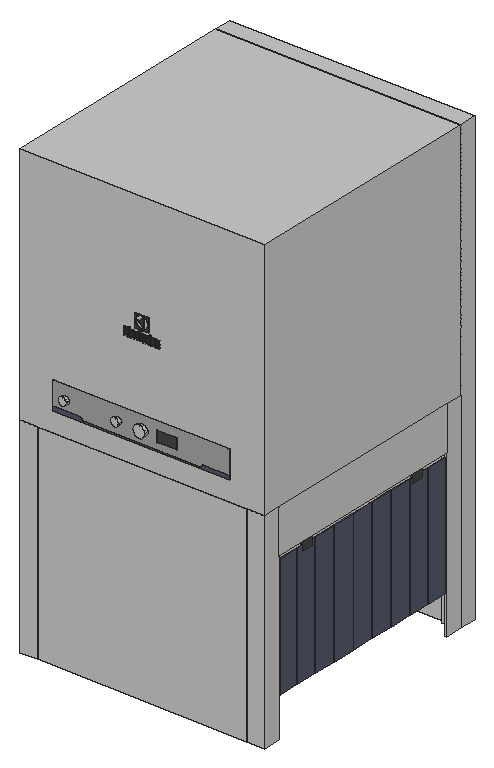
Revit family "QF_ELECTROLUXPROFESSIONAL_504350_ETHDE1", category Specialty Equipment, Revit 2018
Family settings
  Round Connector Dimension = Use Diameter
  Part Type = Normal
  Work Plane-Based = No
  Always vertical = Yes
  Cut with Voids When Loaded = No
  Shared = No
  Room Calculation Point = No
Parameters (values of type "Standard")
  Z PNL TOP = 532.0 mm
  Z PNL RIGHT [instance] = if(CURTAIN RIGHT, 420.0 mm, 0.0 mm)  # 420.0 mm
  Z PNL LEFT [instance] = if(CURTAIN LEFT, 420.0 mm, 0.0 mm)  # 420.0 mm
  Z PNL FRONT [instance] = if(CURTAIN FRONT, 420.0 mm, 0.0 mm)  # 0.0 mm
  Weight = 60.00 kg
  Watts = 0 W
  Volts = 380 V
  URL Manufacturer = "https://www.electroluxprofessional.com/"
  URL = "https://www.electroluxprofessional.com/"
  Steam Supply Size = 0 mm
  Steam Supply Minimum Pressure = 0.0 Pa
  Steam Supply Maximum Pressure = 0.0 Pa
  Steam Pounds per Hour = 0
  STRAIGHT visible [instance] = yes
  Refrigeration Suction Line Size = 0.0 mm
  Refrigeration Liquid Line Size = 0.0 mm
  Refrigerant Compressor Remote = yes
  Phase = 3
  Length Actual = 625.0 mm  # constant formula
  Item Number = "504350"
  Hot Water Size = 0 mm
  Height Actual = 1150.0 mm  # constant formula
  HP = "11.4 HP"
  Gas Size = 0 mm
  Gas KW = 0
  Gas Input Pressure = 0 W
  Direct Waste Size = 0 mm
  Depth Actual = 670.0 mm  # constant formula
  Cycle = 50 Hz
  Condensate Return Size = 0 mm
  Compressed Air Volume = 0.0 L/s
  Compressed Air Size = 0 mm
  Compressed Air Pressure = 0.0 Pa
  Cold Water Size = 0 mm
  CURTAIN LEFT [instance] = not(CORNER R L visible)  # yes
  Manufacturer = "Electrolux Professional"
  Model = "ETHDE1"
  Description = "HERODRY FREESTANDING BLOWER FOR HOOD TYPE DW 30 R/H 380-415/3N/50HZ"
  CORNER R L visible [instance] = no
  CURTAIN RIGHT [instance] = not(CORNER L R visible)  # yes
  CORNER L R visible [instance] = no
  CURTAIN FRONT [instance] = not(STRAIGHT visible)  # no
  Accessory = yes
Reference planes
  plane 1 "Center (Front/Back)": y = -16.742
  plane 2: z = 0
  plane 3 "LEFT": x = -383.563
  plane 4 "RIGHT": x = 240.437
  plane 5 "Base": z = 910
  plane 6 "TOP": z = 2060
  plane 7 "FRONT": y = -351.742
  plane 8 "Back": y = 318.258
  plane 9 "Center (Left/Right)": x = -71.563
  plane 10: y = 273.258
  plane 11: y = -306.742
  plane 12: y = 228.258
  plane 13 "EI_Z": z = 1535
  plane 14 "EI_RIGHT": x = 140.437
  plane 15 "PANEL": z = 1442
Forms (mm)
  Extrusion 1, solid, material "QF_Finishes_Navy Blue", visible <- "CURTAIN LEFT"
    sketch origin (-383.563, 437.565, 4010) x (0, 1, 0) y (0, 0, 1)
      loop
        line (-266.297, -3000) -> (-214.307, -3000) -> (-214.307, -2688.943) -> (-266.297, -2688.943) -> (-266.297, -3000)
      loop
        line (-271.297, -2688.943) -> (-287.307, -2688.943) -> (-287.307, -2702.943) -> (-315.307, -2702.943) -> (-315.307, -2688.943) -> (-324.307, -2688.943) -> (-324.307, -3000) -> (-271.297, -3000) -> (-271.297, -2688.943)
      loop
        line (-329.307, -2688.943) -> (-384.307, -2688.943) -> (-384.307, -3000) -> (-329.307, -3000) -> (-329.307, -2688.943)
      loop
        line (-389.307, -2688.943) -> (-444.307, -2688.943) -> (-444.307, -3000) -> (-389.307, -3000) -> (-389.307, -2688.943)
      loop
        line (-449.307, -2688.943) -> (-503.307, -2688.943) -> (-503.307, -3000) -> (-449.307, -3000) -> (-449.307, -2688.943)
      loop
        line (-508.307, -2688.943) -> (-565.307, -2688.943) -> (-565.307, -3000) -> (-508.307, -3000) -> (-508.307, -2688.943)
      loop
        line (-570.307, -2688.943) -> (-626.307, -2688.943) -> (-626.307, -3000) -> (-570.307, -3000) -> (-570.307, -2688.943)
      loop
        line (-631.307, -3000) -> (-631.307, -2688.943) -> (-638.307, -2688.943) -> (-638.307, -2702.943) -> (-666.307, -2702.943) -> (-666.307, -2688.943) -> (-683.307, -2688.943) -> (-683.307, -3000) -> (-631.307, -3000)
      loop
        line (-688.307, -2688.943) -> (-738.307, -2688.943) -> (-738.307, -3000) -> (-688.307, -3000) -> (-688.307, -2688.943)
    from 2 to 0
  Extrusion 2, solid, material "QF_Finishes_Black", visible <- "CURTAIN LEFT"
    sketch origin (-383.563, 437.565, 4000) x (0, 1, 0) y (0, 0, 1)
      loop
        line (-638.307, -2692.943) -> (-638.307, -2669.943) -> (-666.307, -2669.943) -> (-666.307, -2692.943) -> (-638.307, -2692.943)
      loop
        line (-315.307, -2692.943) -> (-287.307, -2692.943) -> (-287.307, -2669.943) -> (-315.307, -2669.943) -> (-315.307, -2692.943)
    from 6.08 to 0
  Extrusion 3, solid, material "QF_Finishes_Stainless Steel"
    sketch origin (0, 0, 910) x (0, -1, 0) y (1, 0, 0)
      loop
        line (306.742, -383.563) -> (351.742, -383.563) -> (351.742, -339.063) -> (346.742, -339.063) -> (346.742, -378.563) -> (306.742, -378.563) -> (306.742, -383.563)
      loop
        line (306.742, 240.437) -> (306.742, 235.437) -> (346.742, 235.437) -> (346.742, 195.937) -> (351.742, 195.937) -> (351.742, 240.437) -> (306.742, 240.437)
      loop
        line (-228.258, -383.563) -> (-228.258, -378.563) -> (-268.258, -378.563) -> (-268.258, -339.063) -> (-273.258, -339.063) -> (-273.258, -383.563) -> (-228.258, -383.563)
      loop
        line (-228.258, 240.437) -> (-273.258, 240.437) -> (-273.258, 195.937) -> (-268.258, 195.937) -> (-268.258, 235.437) -> (-228.258, 235.437) -> (-228.258, 240.437)
    from 532 <- "Z PNL TOP" to 0
  Extrusion 4, solid, material "QF_Finishes_Stainless Steel"
    sketch origin (0, 0, 910) x (0, -1, 0) y (1, 0, 0)
      loop
        line (-318.258, -383.563) -> (-273.258, -383.563) -> (-273.258, 240.437) -> (-318.258, 240.437) -> (-318.258, -383.563)
    from 0 to 1150
  Extrusion 5, solid, material "QF_Finishes_Stainless Steel"
    sketch origin (0, 0, 2060) x (1, 0, 0) y (0, 1, 0)
      loop
        line (240.437, 273.258) -> (-383.563, 273.258) -> (-383.563, -351.742) -> (240.437, -351.742) -> (240.437, 273.258)
    from -618 to 0
  Extrusion 6, solid, material "QF_Finishes_Stainless Steel"
    sketch origin (0, 0, 910) x (0, -1, 0) y (1, 0, 0)
      loop
        line (-228.258, -383.563) -> (306.742, -383.563) -> (306.742, -378.563) -> (-228.258, -378.563) -> (-228.258, -383.563)
    from 420 <- "Z PNL LEFT" to 532 <- "Z PNL TOP"
  Extrusion 7, solid, material "QF_Finishes_Stainless Steel"
    sketch origin (0, 0, 910) x (0, -1, 0) y (1, 0, 0)
      loop
        line (-228.258, 240.437) -> (-228.258, 235.437) -> (306.742, 235.437) -> (306.742, 240.437) -> (-228.258, 240.437)
    from 420 <- "Z PNL RIGHT" to 532 <- "Z PNL TOP"
  Extrusion 8, solid, material "QF_Finishes_Navy Blue", visible <- "CURTAIN RIGHT"
    sketch origin (240.437, 479.936, 4000) x (0, 1, 0) y (0, 0, 1)
      loop
        line (-308.668, -2990) -> (-256.678, -2990) -> (-256.678, -2678.943) -> (-308.668, -2678.943) -> (-308.668, -2990)
      loop
        line (-313.668, -2678.943) -> (-329.678, -2678.943) -> (-329.678, -2692.943) -> (-357.678, -2692.943) -> (-357.678, -2678.943) -> (-366.678, -2678.943) -> (-366.678, -2990) -> (-313.668, -2990) -> (-313.668, -2678.943)
      loop
        line (-371.678, -2678.943) -> (-426.678, -2678.943) -> (-426.678, -2990) -> (-371.678, -2990) -> (-371.678, -2678.943)
      loop
        line (-431.678, -2678.943) -> (-486.678, -2678.943) -> (-486.678, -2990) -> (-431.678, -2990) -> (-431.678, -2678.943)
      loop
        line (-491.678, -2678.943) -> (-545.678, -2678.943) -> (-545.678, -2990) -> (-491.678, -2990) -> (-491.678, -2678.943)
      loop
        line (-550.678, -2678.943) -> (-607.678, -2678.943) -> (-607.678, -2990) -> (-550.678, -2990) -> (-550.678, -2678.943)
      loop
        line (-612.678, -2678.943) -> (-668.678, -2678.943) -> (-668.678, -2990) -> (-612.678, -2990) -> (-612.678, -2678.943)
      loop
        line (-673.678, -2990) -> (-673.678, -2678.943) -> (-680.678, -2678.943) -> (-680.678, -2692.943) -> (-708.678, -2692.943) -> (-708.678, -2678.943) -> (-725.678, -2678.943) -> (-725.678, -2990) -> (-673.678, -2990)
      loop
        line (-730.678, -2678.943) -> (-780.678, -2678.943) -> (-780.678, -2990) -> (-730.678, -2990) -> (-730.678, -2678.943)
    from -2 to 0
  Extrusion 9, solid, material "QF_Finishes_Navy Blue", visible <- "CURTAIN FRONT"
    sketch origin (405.245, -351.742, 4010) x (1, 0, 0) y (0, 0, -1)
      loop
        line (-266.297, 3000) -> (-266.297, 2688.943) -> (-213.807, 2688.943) -> (-213.807, 3000) -> (-266.297, 3000)
      loop
        line (-271.297, 2688.943) -> (-271.297, 3000) -> (-324.307, 3000) -> (-324.307, 2688.943) -> (-314.807, 2688.943) -> (-314.807, 2702.943) -> (-286.807, 2702.943) -> (-286.807, 2688.943) -> (-271.297, 2688.943)
      loop
        line (-329.307, 2688.943) -> (-329.307, 3000) -> (-384.307, 3000) -> (-384.307, 2688.943) -> (-329.307, 2688.943)
      loop
        line (-389.307, 2688.943) -> (-389.307, 3000) -> (-444.307, 3000) -> (-444.307, 2688.943) -> (-389.307, 2688.943)
      loop
        line (-449.307, 2688.943) -> (-449.307, 3000) -> (-503.307, 3000) -> (-503.307, 2688.943) -> (-449.307, 2688.943)
      loop
        line (-508.307, 2688.943) -> (-508.307, 3000) -> (-565.807, 3000) -> (-565.807, 2688.943) -> (-508.307, 2688.943)
      loop
        line (-570.807, 2688.943) -> (-570.807, 3000) -> (-626.807, 3000) -> (-626.807, 2688.943) -> (-570.807, 2688.943)
      loop
        line (-631.807, 3000) -> (-683.807, 3000) -> (-683.807, 2688.943) -> (-665.807, 2688.943) -> (-665.807, 2702.943) -> (-637.807, 2702.943) -> (-637.807, 2688.943) -> (-631.807, 2688.943) -> (-631.807, 3000)
      loop
        line (-688.807, 2688.943) -> (-688.807, 3000) -> (-738.807, 3000) -> (-738.807, 2688.943) -> (-688.807, 2688.943)
    from 2 to 0
  Extrusion 10, solid, material "QF_Finishes_Stainless Steel"
    sketch origin (0, 0, 910) x (0, -1, 0) y (1, 0, 0)
      loop
        line (351.742, 195.937) -> (346.742, 195.937) -> (346.742, -339.063) -> (351.742, -339.063) -> (351.742, 195.937)
    from 0 <- "Z PNL FRONT" to 532 <- "Z PNL TOP"
  Extrusion 11, solid, material "QF_Finishes_Black", visible <- "CURTAIN RIGHT"
    sketch origin (240.437, 437.565, 4000) x (0, 1, 0) y (0, 0, -1)
      loop
        line (-638.307, 2692.943) -> (-666.307, 2692.943) -> (-666.307, 2669.943) -> (-638.307, 2669.943) -> (-638.307, 2692.943)
      loop
        line (-315.307, 2692.943) -> (-315.307, 2669.943) -> (-287.307, 2669.943) -> (-287.307, 2692.943) -> (-315.307, 2692.943)
    from 6.08 to 0
  Extrusion 12, solid, material "QF_Finishes_Black", visible <- "CURTAIN FRONT"
    sketch origin (405.745, -351.742, 4000) x (1, 0, 0) y (0, 0, -1)
      loop
        line (-638.307, 2692.943) -> (-666.307, 2692.943) -> (-666.307, 2669.943) -> (-638.307, 2669.943) -> (-638.307, 2692.943)
      loop
        line (-315.307, 2692.943) -> (-315.307, 2669.943) -> (-287.307, 2669.943) -> (-287.307, 2692.943) -> (-315.307, 2692.943)
    from 6.08 to 0
  Extrusion 13, solid, material "QF_Finishes_Stainless Steel"
    sketch origin (0, 318.258, 0) x (1, 0, 0) y (0, 0, 1)
      loop
        circle (140.437, 1535) r 10
    from -2 to 0
  Extrusion 14, solid, material "QF_Finishes_Gray"
    sketch origin (0, -351.742, 0) x (-1, 0, 0) y (0, 0, 1)
      loop
        line (297.488, 1563.671) -> (-152.512, 1563.671) -> (-152.512, 1503.671) -> (-84.363, 1503.671) -> (-77.292, 1496.6) -> (220.417, 1496.6) -> (227.488, 1503.671) -> (297.488, 1503.671) -> (297.488, 1563.671)
      loop
        circle (266.949, 1528.671) r 10
      loop
        circle (134.1, 1528.671) r 10
      loop
        circle (71.563, 1528.671) r 15
      loop
        line (32.488, 1513.671) -> (32.488, 1543.671) -> (-17.512, 1543.671) -> (-17.512, 1513.671) -> (32.488, 1513.671)
    from -2 to 0
  Extrusion 15, solid, material "QF_Finishes_Black"
    sketch origin (0, -351.742, 0) x (-1, 0, 0) y (0, 0, 1)
      loop
        line (32.488, 1543.671) -> (-17.512, 1543.671) -> (-17.512, 1513.671) -> (32.488, 1513.671) -> (32.488, 1543.671)
    from -2 to 0
  Extrusion 16, solid, material "QF_Finishes_Navy Blue"
    sketch origin (0, -351.742, 0) x (-1, 0, 0) y (0, 0, 1)
      loop
        line (227.488, 1503.671) -> (220.417, 1496.6) -> (-77.292, 1496.6) -> (-84.363, 1503.671) -> (-152.512, 1503.671) -> (-152.512, 1493.671) -> (297.488, 1493.671) -> (297.488, 1503.671) -> (227.488, 1503.671)
    from -2 to 0
  Extrusion 17, solid, material "QF_Finishes_Stainless Steel"
    sketch origin (0, -351.742, 0) x (-1, 0, 0) y (0, 0, 1)
      loop
        circle (266.949, 1528.671) r 10
      loop
        circle (134.1, 1528.671) r 10
      loop
        circle (71.563, 1528.671) r 15
    from 0 to -10
  Extrusion 18, solid, material "QF_Finishes_Black"
    sketch origin (0, -351.742, 0) x (-1, 0, 0) y (0, 0, 1)
      loop
        line (111.906, 1739.523) -> (107.343, 1739.523) -> (107.343, 1737.194) -> (111.927, 1737.194) -> (112.9, 1737.264)
        spline (112.9, 1737.264) -> (113.489, 1737.379) -> (114.021, 1737.548) -> (114.496, 1737.769) -> (114.916, 1738.04) -> (115.282, 1738.36) -> (115.594, 1738.726) -> (115.855, 1739.136) -> (116.066, 1739.588) -> (116.228, 1740.082) -> (116.342, 1740.613) -> (116.409, 1741.181) -> (116.431, 1741.784)
        line (116.431, 1741.784) -> (116.431, 1751.584) -> (107.515, 1751.584) -> (107.515, 1749.252) -> (113.954, 1749.252) -> (113.954, 1745.849) -> (107.901, 1745.849) -> (107.901, 1743.511) -> (113.953, 1743.511) -> (113.953, 1741.678)
        spline (113.953, 1741.678) -> (113.928, 1741.265) -> (113.856, 1740.905) -> (113.744, 1740.596) -> (113.597, 1740.334) -> (113.422, 1740.116) -> (113.225, 1739.938) -> (113.011, 1739.797) -> (112.787, 1739.69) -> (112.558, 1739.612) -> (112.331, 1739.56) -> (112.112, 1739.532) -> (111.906, 1739.523)
      loop
        line (105.582, 1744.784) -> (105.582, 1751.587) -> (103.104, 1751.587) -> (103.104, 1737.191) -> (105.582, 1737.191) -> (105.582, 1744.784)
      loop
        line (90.831, 1742.66) -> (90.873, 1741.789) -> (99.006, 1741.789)
        spline (99.006, 1741.789) -> (98.961, 1741.387) -> (98.872, 1741.01) -> (98.738, 1740.661) -> (98.562, 1740.342) -> (98.345, 1740.053) -> (98.09, 1739.797) -> (97.799, 1739.576) -> (97.472, 1739.392) -> (97.112, 1739.245) -> (96.721, 1739.138) -> (96.301, 1739.073) -> (95.852, 1739.05)
        spline (95.852, 1739.05) -> (95.546, 1739.059) -> (95.258, 1739.085) -> (94.988, 1739.128) -> (94.733, 1739.187) -> (94.492, 1739.264) -> (94.262, 1739.357) -> (94.043, 1739.466) -> (93.831, 1739.591) -> (93.626, 1739.733) -> (93.425, 1739.891) -> (93.227, 1740.065) -> (93.03, 1740.254)
        line (93.03, 1740.254) -> (91.537, 1738.801)
        spline (91.537, 1738.801) -> (91.877, 1738.464) -> (92.221, 1738.166) -> (92.571, 1737.906) -> (92.926, 1737.681) -> (93.286, 1737.49) -> (93.65, 1737.331) -> (94.02, 1737.202) -> (94.394, 1737.1) -> (94.772, 1737.025) -> (95.155, 1736.973) -> (95.543, 1736.944) -> (95.935, 1736.934)
        spline (95.935, 1736.934) -> (96.739, 1736.978) -> (97.495, 1737.107) -> (98.201, 1737.319) -> (98.85, 1737.609) -> (99.439, 1737.975) -> (99.964, 1738.413) -> (100.421, 1738.92) -> (100.803, 1739.492) -> (101.109, 1740.127) -> (101.332, 1740.82) -> (101.47, 1741.569) -> (101.517, 1742.369)
        spline (101.517, 1742.369) -> (101.468, 1743.19) -> (101.327, 1743.957) -> (101.098, 1744.667) -> (100.787, 1745.316) -> (100.4, 1745.902) -> (99.941, 1746.42) -> (99.416, 1746.867) -> (98.831, 1747.241) -> (98.192, 1747.538) -> (97.502, 1747.754) -> (96.769, 1747.886) -> (95.998, 1747.93)
        spline (95.998, 1747.93) -> (95.242, 1747.882) -> (94.534, 1747.743) -> (93.877, 1747.518) -> (93.275, 1747.214) -> (92.731, 1746.837) -> (92.247, 1746.392) -> (91.829, 1745.887) -> (91.479, 1745.327) -> (91.201, 1744.718) -> (90.998, 1744.067) -> (90.874, 1743.379) -> (90.831, 1742.66)
      loop
        line (93.363, 1743.532) -> (98.943, 1743.532)
        spline (98.943, 1743.532) -> (98.893, 1743.843) -> (98.797, 1744.14) -> (98.658, 1744.422) -> (98.479, 1744.686) -> (98.264, 1744.929) -> (98.015, 1745.148) -> (97.736, 1745.34) -> (97.43, 1745.504) -> (97.1, 1745.635) -> (96.749, 1745.733) -> (96.38, 1745.793) -> (95.998, 1745.814)
        spline (95.998, 1745.814) -> (95.641, 1745.793) -> (95.298, 1745.731) -> (94.973, 1745.632) -> (94.669, 1745.499) -> (94.389, 1745.334) -> (94.135, 1745.14) -> (93.912, 1744.92) -> (93.723, 1744.677) -> (93.57, 1744.414) -> (93.457, 1744.133) -> (93.387, 1743.838) -> (93.363, 1743.532)
      loop
        spline (87.083, 1742.432) -> (87.055, 1741.971) -> (86.972, 1741.534) -> (86.837, 1741.124) -> (86.655, 1740.743) -> (86.428, 1740.396) -> (86.16, 1740.085) -> (85.853, 1739.814) -> (85.512, 1739.585) -> (85.14, 1739.401) -> (84.739, 1739.266) -> (84.314, 1739.183) -> (83.867, 1739.154)
        spline (83.867, 1739.154) -> (83.593, 1739.163) -> (83.33, 1739.188) -> (83.079, 1739.23) -> (82.837, 1739.289) -> (82.606, 1739.363) -> (82.384, 1739.452) -> (82.17, 1739.557) -> (81.965, 1739.677) -> (81.766, 1739.811) -> (81.575, 1739.959) -> (81.391, 1740.12) -> (81.212, 1740.295)
        line (81.212, 1740.295) -> (79.676, 1738.698)
        spline (79.676, 1738.698) -> (79.982, 1738.392) -> (80.296, 1738.117) -> (80.62, 1737.873) -> (80.952, 1737.658) -> (81.292, 1737.472) -> (81.639, 1737.313) -> (81.994, 1737.181) -> (82.356, 1737.075) -> (82.725, 1736.994) -> (83.1, 1736.937) -> (83.481, 1736.904) -> (83.867, 1736.893)
        spline (83.867, 1736.893) -> (84.641, 1736.941) -> (85.383, 1737.081) -> (86.086, 1737.309) -> (86.742, 1737.619) -> (87.347, 1738.006) -> (87.892, 1738.464) -> (88.371, 1738.989) -> (88.779, 1739.576) -> (89.107, 1740.219) -> (89.35, 1740.912) -> (89.5, 1741.652) -> (89.552, 1742.432)
        spline (89.552, 1742.432) -> (89.5, 1743.212) -> (89.35, 1743.952) -> (89.107, 1744.646) -> (88.779, 1745.289) -> (88.371, 1745.875) -> (87.892, 1746.4) -> (87.347, 1746.859) -> (86.742, 1747.246) -> (86.086, 1747.556) -> (85.383, 1747.783) -> (84.641, 1747.924) -> (83.867, 1747.972)
        spline (83.867, 1747.972) -> (83.481, 1747.961) -> (83.1, 1747.927) -> (82.725, 1747.871) -> (82.356, 1747.79) -> (81.994, 1747.684) -> (81.639, 1747.552) -> (81.292, 1747.393) -> (80.952, 1747.206) -> (80.62, 1746.992) -> (80.296, 1746.747) -> (79.982, 1746.473) -> (79.676, 1746.167)
        line (79.676, 1746.167) -> (81.212, 1744.569)
        spline (81.212, 1744.569) -> (81.391, 1744.744) -> (81.575, 1744.906) -> (81.766, 1745.054) -> (81.965, 1745.188) -> (82.17, 1745.307) -> (82.384, 1745.412) -> (82.606, 1745.502) -> (82.837, 1745.576) -> (83.079, 1745.634) -> (83.33, 1745.676) -> (83.593, 1745.702) -> (83.867, 1745.71)
        spline (83.867, 1745.71) -> (84.314, 1745.682) -> (84.739, 1745.599) -> (85.14, 1745.464) -> (85.512, 1745.28) -> (85.853, 1745.051) -> (86.16, 1744.779) -> (86.428, 1744.468) -> (86.655, 1744.121) -> (86.837, 1743.741) -> (86.972, 1743.331) -> (87.055, 1742.893) -> (87.083, 1742.432)
      loop
        line (73.357, 1739.52) -> (73.366, 1737.191) -> (74.412, 1737.238)
        spline (74.412, 1737.238) -> (75.001, 1737.338) -> (75.534, 1737.49) -> (76.015, 1737.694) -> (76.443, 1737.948) -> (76.821, 1738.249) -> (77.148, 1738.596) -> (77.427, 1738.987) -> (77.659, 1739.42) -> (77.844, 1739.893) -> (77.984, 1740.405) -> (78.08, 1740.954) -> (78.133, 1741.537)
        line (78.133, 1741.537) -> (78.133, 1751.587) -> (75.655, 1751.587) -> (75.655, 1747.601) -> (73.404, 1747.601) -> (73.404, 1745.35) -> (75.658, 1745.35) -> (75.658, 1741.678)
        spline (75.658, 1741.678) -> (75.606, 1741.241) -> (75.508, 1740.865) -> (75.37, 1740.544) -> (75.199, 1740.276) -> (75, 1740.055) -> (74.78, 1739.879) -> (74.545, 1739.742) -> (74.301, 1739.642) -> (74.054, 1739.574) -> (73.81, 1739.533) -> (73.576, 1739.516) -> (73.357, 1739.52)
      loop
        line (65.018, 1747.746) -> (65.018, 1745.35) -> (66.051, 1745.453)
        spline (66.051, 1745.453) -> (66.467, 1745.431) -> (66.855, 1745.366) -> (67.213, 1745.259) -> (67.541, 1745.111) -> (67.837, 1744.925) -> (68.098, 1744.702) -> (68.324, 1744.443) -> (68.513, 1744.15) -> (68.662, 1743.824) -> (68.771, 1743.466) -> (68.837, 1743.08) -> (68.86, 1742.665)
        line (68.86, 1742.665) -> (68.86, 1737.191) -> (71.318, 1737.191) -> (71.318, 1747.601) -> (68.86, 1747.601) -> (68.86, 1746.053)
        spline (68.86, 1746.053) -> (68.669, 1746.342) -> (68.451, 1746.607) -> (68.207, 1746.848) -> (67.938, 1747.064) -> (67.644, 1747.253) -> (67.328, 1747.415) -> (66.991, 1747.548) -> (66.633, 1747.652) -> (66.256, 1747.724) -> (65.86, 1747.765) -> (65.447, 1747.772) -> (65.018, 1747.746)
      loop
        spline (53.278, 1742.396) -> (53.33, 1741.632) -> (53.481, 1740.905) -> (53.724, 1740.219) -> (54.053, 1739.58) -> (54.461, 1738.995) -> (54.941, 1738.469) -> (55.487, 1738.008) -> (56.091, 1737.618) -> (56.747, 1737.304) -> (57.448, 1737.073) -> (58.187, 1736.93) -> (58.958, 1736.881)
        spline (58.958, 1736.881) -> (59.734, 1736.93) -> (60.476, 1737.073) -> (61.179, 1737.304) -> (61.836, 1737.618) -> (62.439, 1738.008) -> (62.984, 1738.469) -> (63.462, 1738.995) -> (63.869, 1739.58) -> (64.196, 1740.219) -> (64.438, 1740.905) -> (64.588, 1741.632) -> (64.639, 1742.396)
        spline (64.639, 1742.396) -> (64.588, 1743.16) -> (64.438, 1743.887) -> (64.196, 1744.574) -> (63.869, 1745.212) -> (63.462, 1745.797) -> (62.984, 1746.323) -> (62.439, 1746.784) -> (61.836, 1747.174) -> (61.179, 1747.488) -> (60.476, 1747.719) -> (59.734, 1747.862) -> (58.958, 1747.911)
        spline (58.958, 1747.911) -> (58.187, 1747.862) -> (57.448, 1747.719) -> (56.747, 1747.488) -> (56.091, 1747.174) -> (55.487, 1746.784) -> (54.941, 1746.323) -> (54.461, 1745.797) -> (54.053, 1745.212) -> (53.724, 1744.574) -> (53.481, 1743.887) -> (53.33, 1743.16) -> (53.278, 1742.396)
      loop
        spline (55.737, 1742.396) -> (55.765, 1741.945) -> (55.849, 1741.516) -> (55.984, 1741.11) -> (56.168, 1740.733) -> (56.396, 1740.386) -> (56.666, 1740.075) -> (56.973, 1739.801) -> (57.315, 1739.57) -> (57.688, 1739.384) -> (58.088, 1739.246) -> (58.513, 1739.161) -> (58.958, 1739.132)
        spline (58.958, 1739.132) -> (59.408, 1739.161) -> (59.835, 1739.246) -> (60.237, 1739.384) -> (60.611, 1739.57) -> (60.952, 1739.801) -> (61.258, 1740.075) -> (61.527, 1740.386) -> (61.753, 1740.733) -> (61.935, 1741.11) -> (62.069, 1741.516) -> (62.152, 1741.945) -> (62.18, 1742.396)
        spline (62.18, 1742.396) -> (62.152, 1742.846) -> (62.069, 1743.276) -> (61.935, 1743.682) -> (61.753, 1744.059) -> (61.527, 1744.406) -> (61.258, 1744.717) -> (60.952, 1744.991) -> (60.611, 1745.222) -> (60.237, 1745.408) -> (59.835, 1745.545) -> (59.408, 1745.63) -> (58.958, 1745.66)
        spline (58.958, 1745.66) -> (58.513, 1745.63) -> (58.088, 1745.545) -> (57.688, 1745.408) -> (57.315, 1745.222) -> (56.973, 1744.991) -> (56.666, 1744.717) -> (56.396, 1744.406) -> (56.168, 1744.059) -> (55.984, 1743.682) -> (55.849, 1743.276) -> (55.765, 1742.846) -> (55.737, 1742.396)
      loop
        line (51.754, 1745.033) -> (51.754, 1751.587) -> (49.274, 1751.587) -> (49.274, 1737.191) -> (51.754, 1737.191) -> (51.754, 1745.033)
      loop
        line (40.336, 1747.601) -> (37.837, 1747.601) -> (37.837, 1741.384)
        spline (37.837, 1741.384) -> (37.882, 1740.662) -> (38.012, 1740.006) -> (38.22, 1739.414) -> (38.501, 1738.887) -> (38.849, 1738.423) -> (39.257, 1738.022) -> (39.719, 1737.684) -> (40.23, 1737.409) -> (40.782, 1737.195) -> (41.37, 1737.043) -> (41.987, 1736.952) -> (42.628, 1736.922)
        spline (42.628, 1736.922) -> (43.264, 1736.952) -> (43.877, 1737.041) -> (44.46, 1737.191) -> (45.008, 1737.402) -> (45.514, 1737.673) -> (45.972, 1738.006) -> (46.377, 1738.402) -> (46.721, 1738.859) -> (47, 1739.379) -> (47.207, 1739.963) -> (47.335, 1740.61) -> (47.379, 1741.322)
        line (47.379, 1741.322) -> (47.379, 1747.601) -> (44.88, 1747.601) -> (44.88, 1741.528)
        spline (44.88, 1741.528) -> (44.86, 1741.14) -> (44.802, 1740.789) -> (44.708, 1740.475) -> (44.58, 1740.198) -> (44.421, 1739.957) -> (44.232, 1739.75) -> (44.016, 1739.577) -> (43.775, 1739.437) -> (43.512, 1739.33) -> (43.228, 1739.254) -> (42.926, 1739.209) -> (42.608, 1739.194)
        spline (42.608, 1739.194) -> (42.29, 1739.209) -> (41.988, 1739.254) -> (41.704, 1739.33) -> (41.44, 1739.438) -> (41.2, 1739.578) -> (40.984, 1739.752) -> (40.795, 1739.961) -> (40.635, 1740.205) -> (40.508, 1740.485) -> (40.414, 1740.801) -> (40.355, 1741.156) -> (40.336, 1741.549)
        line (40.336, 1741.549) -> (40.336, 1747.601)
      loop
        line (28.459, 1740.52) -> (26.078, 1737.191) -> (28.742, 1737.191) -> (31.386, 1740.868) -> (34.03, 1737.191) -> (36.694, 1737.191) -> (34.902, 1739.687) -> (32.749, 1742.685) -> (34.803, 1745.495) -> (36.343, 1747.601) -> (33.658, 1747.601) -> (31.386, 1744.482) -> (29.134, 1747.601) -> (26.429, 1747.601) -> (28.087, 1745.342) -> (30.022, 1742.706) -> (28.459, 1740.52)
      loop
        arc (115.038, 1734.926) -> (113.392, 1733.281) -> (115.038, 1731.636) r 1.645
        line (115.038, 1731.636) -> (115.932, 1731.636) -> (115.932, 1729.95) -> (116.955, 1729.95) -> (116.955, 1734.926) -> (115.038, 1734.926)
      loop
        arc (115.079, 1733.985) -> (114.375, 1733.281) -> (115.079, 1732.576) r 0.704
        line (115.079, 1732.576) -> (115.932, 1732.576) -> (115.932, 1733.985) -> (115.079, 1733.985)
      loop
        arc (107.229, 1734.926) -> (106.081, 1734.458) -> (105.587, 1733.322) r 1.643
        arc (105.587, 1733.322) -> (105.805, 1732.497) -> (106.429, 1731.915) r 1.536
        line (106.429, 1731.915) -> (105.235, 1729.95) -> (106.396, 1729.95) -> (107.377, 1731.581) -> (108.158, 1731.664) -> (108.158, 1729.95) -> (109.181, 1729.95) -> (109.181, 1734.926) -> (107.229, 1734.926)
      loop
        line (107.319, 1732.597) -> (108.158, 1732.597) -> (108.158, 1733.985) -> (107.25, 1733.985)
        arc (107.25, 1733.985) -> (106.624, 1733.258) -> (107.319, 1732.597) r 0.696
      loop
        circle (98.881, 1732.438) r 2.585
      loop
        circle (98.881, 1732.438) r 1.64
      loop
        line (92.016, 1734.926) -> (88.94, 1734.926) -> (88.94, 1733.986) -> (90.993, 1733.986) -> (90.993, 1732.936) -> (89.12, 1732.936) -> (89.12, 1731.995) -> (90.993, 1731.995) -> (90.993, 1729.95) -> (92.016, 1729.95) -> (92.016, 1734.926)
      loop
        line (84.719, 1734.926) -> (81.567, 1734.926) -> (81.567, 1733.986) -> (83.695, 1733.986) -> (83.695, 1733.121) -> (81.705, 1733.121) -> (81.705, 1732.339) -> (83.695, 1732.339) -> (83.695, 1731.512)
        arc (83.695, 1731.512) -> (83.468, 1730.964) -> (82.92, 1730.736) r 0.775
        line (82.92, 1730.736) -> (81.518, 1730.736) -> (81.518, 1729.95) -> (83.126, 1729.95)
        arc (83.126, 1729.95) -> (84.26, 1730.424) -> (84.719, 1731.563) r 1.593
        line (84.719, 1731.563) -> (84.719, 1734.926)
      loop
        arc (74.825, 1733.621) -> (75.246, 1733.954) -> (75.77, 1734.07) r 1.197
        arc (75.77, 1734.07) -> (76.242, 1733.693) -> (75.915, 1733.186) r 0.45
        arc (75.915, 1733.186) -> (75.351, 1732.974) -> (74.8, 1732.729) r 9.883
        arc (74.8, 1732.729) -> (74.365, 1732.444) -> (74.024, 1732.052) r 1.876
        arc (74.024, 1732.052) -> (73.867, 1731.199) -> (74.172, 1730.387) r 1.618
        arc (74.172, 1730.387) -> (74.863, 1730.02) -> (75.63, 1729.867) r 2.696
        arc (75.63, 1729.867) -> (76.251, 1729.929) -> (76.824, 1730.174) r 2.063
        arc (76.824, 1730.174) -> (77.277, 1730.565) -> (77.587, 1731.077) r 1.914
        line (77.587, 1731.077) -> (76.805, 1731.568)
        arc (76.805, 1731.568) -> (76.541, 1731.16) -> (76.12, 1730.918) r 1.033
        arc (76.12, 1730.918) -> (75.548, 1730.804) -> (75.007, 1731.023) r 1.016
        arc (75.007, 1731.023) -> (74.85, 1731.376) -> (75.048, 1731.708) r 0.42
        arc (75.048, 1731.708) -> (75.554, 1731.984) -> (76.088, 1732.201) r 5.041
        arc (76.088, 1732.201) -> (76.665, 1732.504) -> (77.109, 1732.983) r 1.928
        arc (77.109, 1732.983) -> (77.223, 1733.422) -> (77.234, 1733.876) r 1.985
        arc (77.234, 1733.876) -> (77.118, 1734.263) -> (76.86, 1734.574) r 1.013
        arc (76.86, 1734.574) -> (76.314, 1734.885) -> (75.698, 1735.009) r 1.974
        arc (75.698, 1735.009) -> (74.771, 1734.79) -> (74.09, 1734.125) r 1.782
        line (74.09, 1734.125) -> (74.825, 1733.621)
      loop
        arc (67.307, 1733.621) -> (67.728, 1733.954) -> (68.252, 1734.07) r 1.197
        arc (68.252, 1734.07) -> (68.723, 1733.693) -> (68.397, 1733.186) r 0.45
        arc (68.397, 1733.186) -> (67.832, 1732.974) -> (67.282, 1732.729) r 9.883
        arc (67.282, 1732.729) -> (66.846, 1732.444) -> (66.506, 1732.052) r 1.876
        arc (66.506, 1732.052) -> (66.348, 1731.199) -> (66.654, 1730.387) r 1.618
        arc (66.654, 1730.387) -> (67.345, 1730.02) -> (68.112, 1729.867) r 2.696
        arc (68.112, 1729.867) -> (68.733, 1729.929) -> (69.306, 1730.174) r 2.063
        arc (69.306, 1730.174) -> (69.759, 1730.565) -> (70.069, 1731.077) r 1.914
        line (70.069, 1731.077) -> (69.287, 1731.568)
        arc (69.287, 1731.568) -> (69.023, 1731.16) -> (68.602, 1730.918) r 1.033
        arc (68.602, 1730.918) -> (68.029, 1730.804) -> (67.488, 1731.023) r 1.016
        arc (67.488, 1731.023) -> (67.332, 1731.376) -> (67.53, 1731.708) r 0.42
        arc (67.53, 1731.708) -> (68.035, 1731.984) -> (68.569, 1732.201) r 5.041
        arc (68.569, 1732.201) -> (69.147, 1732.504) -> (69.591, 1732.983) r 1.928
        arc (69.591, 1732.983) -> (69.704, 1733.422) -> (69.715, 1733.876) r 1.985
        arc (69.715, 1733.876) -> (69.6, 1734.263) -> (69.342, 1734.574) r 1.013
        arc (69.342, 1734.574) -> (68.796, 1734.885) -> (68.179, 1735.009) r 1.974
        arc (68.179, 1735.009) -> (67.253, 1734.79) -> (66.571, 1734.125) r 1.782
        line (66.571, 1734.125) -> (67.307, 1733.621)
      loop
        line (62.115, 1734.926) -> (61.092, 1734.926) -> (61.092, 1729.95) -> (62.115, 1729.95) -> (62.115, 1734.926)
      loop
        circle (54.192, 1732.438) r 1.548
      loop
        circle (54.192, 1732.438) r 2.585
      loop
        line (47.327, 1729.95) -> (47.327, 1734.926) -> (46.332, 1734.926) -> (44.055, 1731.702) -> (44.055, 1734.926) -> (43.022, 1734.926) -> (43.022, 1729.95) -> (44.016, 1729.95) -> (46.293, 1733.079) -> (46.293, 1729.95) -> (47.327, 1729.95)
      loop
        line (37.862, 1729.95) -> (38.961, 1729.95) -> (36.456, 1734.926) -> (33.952, 1729.95) -> (35.052, 1729.95) -> (35.536, 1731.023) -> (37.377, 1731.023) -> (37.862, 1729.95)
      loop
        line (36.456, 1733.065) -> (35.996, 1732.044) -> (36.918, 1732.044) -> (36.456, 1733.065)
      loop
        line (28.869, 1730.89) -> (26.955, 1730.89) -> (26.955, 1729.95) -> (29.893, 1729.95) -> (29.893, 1734.926) -> (28.869, 1734.926) -> (28.869, 1730.89)
      loop
        line (88.873, 1756.53) -> (88.873, 1791.103) -> (54.253, 1791.103) -> (54.253, 1756.53) -> (88.873, 1756.53)
      loop
        arc (66.94, 1789.405) -> (55.441, 1773.852) -> (66.94, 1758.298) r 16.269
        line (66.94, 1758.298) -> (66.94, 1789.405)
      loop
        arc (68.522, 1787.153) -> (73.352, 1778.485) -> (82.545, 1774.753) r 14.944
        line (82.545, 1774.753) -> (87.692, 1774.753)
        arc (87.692, 1774.753) -> (81.459, 1786.465) -> (68.522, 1789.405) r 15.943
        line (68.522, 1789.405) -> (68.522, 1787.153)
      loop
        line (87.692, 1772.95) -> (82.545, 1772.95)
        arc (82.545, 1772.95) -> (73.352, 1769.218) -> (68.522, 1760.55) r 14.944
        line (68.522, 1760.55) -> (68.522, 1757.898)
        arc (68.522, 1757.898) -> (81.469, 1761.142) -> (87.692, 1772.95) r 16.36
    from 0 to -1.6
Lines and regions (mm)
  symbolic lines
    curve 1: line (-383.563, 318.258, 910) -> (240.437, 318.258, 910)
    curve 2: line (-383.563, -351.742, 910) -> (-383.563, 318.258, 910)
    curve 3: line (240.437, -351.742, 910) -> (-383.563, -351.742, 910)
    curve 4: line (240.437, 318.258, 910) -> (240.437, -351.742, 910)
    curve 5: line (240.437, 228.258, 910) -> (-383.563, 228.258, 910)
    curve 6: line (-339.063, 228.258, 910) -> (-339.063, -351.742, 910)
    curve 7: line (195.937, 228.258, 910) -> (195.937, -351.742, 910)
    curve 8: line (-339.063, -341.742, 910) -> (195.937, -341.742, 910)
    curve 9: line (-383.563, -351.742, 910) -> (240.437, 318.258, 910)
Dimensions and locks
  plane 3 "LEFT" to plane 4 "RIGHT" = 624.0 mm
  plane 5 "Base" to level = 910.0 mm
  plane 5 "Base" to plane 6 "TOP" = 1150.0 mm
  plane 4 "RIGHT" to plane 3 "LEFT" = 624.0 mm
  plane 7 "FRONT" to plane 1 "Center (Front/Back)" = 335.0 mm
  locked: plane 8 "Back" to plane 7 "FRONT" at 670
  plane 8 "Back" to plane 1 "Center (Front/Back)" to plane 7 "FRONT" = 335.0 mm, 335.0 mm
  equal spacing: plane 3 "LEFT", plane 9 "Center (Left/Right)", plane 4 "RIGHT"
  plane 10 to plane 8 "Back" = 45.0 mm
  plane 11 to plane 7 "FRONT" = 45.0 mm
  plane 10 to plane 12 = 45.0 mm
  plane 13 "EI_Z" to plane 5 "Base" = 625.0 mm
  plane 8 "Back" to plane 12 to plane 11 to plane 7 "FRONT" = 90.0 mm, 535.0 mm, 45.0 mm
  plane 11 to plane 12 = 535.0 mm
  Extrusion 10 to Extrusion 10 = 535.0 mm
  plane 14 "EI_RIGHT" to plane 4 "RIGHT" = 100.0 mm
  aligned and locked: level to plane 2
Automatic sketch dimensions
  Extrusion 2 sketch curve to plane 11 = 78.0 mm
  Extrusion 2 sketch curve to Extrusion 2 sketch curve = 28.0 mm  (x2)
  Extrusion 2 sketch curve to plane 12 = 106.0 mm
  Extrusion 4 sketch curve to plane 4 "RIGHT" = 0.0 mm
  plane 8 "Back" to Extrusion 4 sketch curve = 0.0 mm
  Extrusion 4 sketch curve to plane 3 "LEFT" = 0.0 mm
  Extrusion 4 sketch curve to plane 10 = 0.0 mm
  Extrusion 5 sketch curve to plane 3 "LEFT" = 0.0 mm
  Extrusion 5 sketch curve to plane 4 "RIGHT" = 0.0 mm
  Extrusion 5 sketch curve to plane 7 "FRONT" = 0.0 mm
  Extrusion 5 sketch curve to plane 10 = 0.0 mm
  Extrusion 11 sketch curve to plane 11 = 78.0 mm
  Extrusion 11 sketch curve to Extrusion 11 sketch curve = 28.0 mm  (x2)
  Extrusion 11 sketch curve to plane 12 = 106.0 mm
  plane 3 "LEFT" to Extrusion 12 sketch curve = 123.0 mm
  Extrusion 12 sketch curve to Extrusion 12 sketch curve = 28.0 mm  (x2)
  Extrusion 12 sketch curve to plane 4 "RIGHT" = 150.0 mm
  Extrusion 1 sketch curve to plane 11 = 6.0 mm
  Extrusion 1 sketch curve to Extrusion 1 sketch curve = 50.0 mm
  Extrusion 1 sketch curve to Extrusion 1 sketch curve = 5.0 mm  (x8)
  Extrusion 1 sketch curve to Extrusion 1 sketch curve = 17.0 mm
  Extrusion 1 sketch curve to Extrusion 1 sketch curve = 28.0 mm
  Extrusion 1 sketch curve to Extrusion 1 sketch curve = 7.0 mm
  Extrusion 1 sketch curve to Extrusion 1 sketch curve = 56.0 mm
  plane 1 "Center (Front/Back)" to Extrusion 1 sketch curve = 54.0 mm
  Extrusion 1 sketch curve to plane 1 "Center (Front/Back)" = 5.0 mm
  Extrusion 1 sketch curve to Extrusion 1 sketch curve = 55.0 mm  (x2)
  Extrusion 1 sketch curve to Extrusion 1 sketch curve = 9.0 mm
  Extrusion 1 sketch curve to Extrusion 1 sketch curve = 53.01 mm
  Extrusion 1 sketch curve to plane 12 = 5.0 mm
  Extrusion 1 sketch curve to Extrusion 1 sketch curve = 14.0 mm  (x4)
  plane 5 "Base" to Extrusion 1 sketch curve = 100.0 mm
  Extrusion 1 sketch curve to Extrusion 1 sketch curve = 0.0 mm  (x15)
  Extrusion 1 sketch curve to Extrusion 1 sketch curve = 16.01 mm
  Extrusion 8 sketch curve to plane 11 = 6.0 mm
  Extrusion 8 sketch curve to Extrusion 8 sketch curve = 50.0 mm
  Extrusion 8 sketch curve to Extrusion 8 sketch curve = 5.0 mm  (x8)
  Extrusion 8 sketch curve to Extrusion 8 sketch curve = 45.0 mm
  Extrusion 8 sketch curve to Extrusion 8 sketch curve = 52.0 mm
  Extrusion 8 sketch curve to Extrusion 8 sketch curve = 56.0 mm
  plane 1 "Center (Front/Back)" to Extrusion 8 sketch curve = 54.0 mm
  Extrusion 8 sketch curve to plane 1 "Center (Front/Back)" = 5.0 mm
  Extrusion 8 sketch curve to Extrusion 8 sketch curve = 55.0 mm  (x2)
  Extrusion 8 sketch curve to Extrusion 8 sketch curve = 9.0 mm
  Extrusion 8 sketch curve to Extrusion 8 sketch curve = 28.0 mm
  Extrusion 8 sketch curve to Extrusion 8 sketch curve = 53.01 mm
  Extrusion 8 sketch curve to plane 12 = 5.0 mm
  plane 5 "Base" to Extrusion 8 sketch curve = 100.0 mm
  Extrusion 8 sketch curve to Extrusion 8 sketch curve = 0.0 mm  (x15)
  Extrusion 8 sketch curve to Extrusion 8 sketch curve = 14.0 mm  (x4)
  Extrusion 8 sketch curve to Extrusion 8 sketch curve = 17.0 mm
  plane 3 "LEFT" to Extrusion 9 sketch curve = 50.0 mm
  Extrusion 9 sketch curve to Extrusion 9 sketch curve = 50.0 mm
  Extrusion 9 sketch curve to Extrusion 9 sketch curve = 5.0 mm  (x8)
  Extrusion 9 sketch curve to Extrusion 9 sketch curve = 18.0 mm
  Extrusion 9 sketch curve to Extrusion 9 sketch curve = 28.0 mm
  Extrusion 9 sketch curve to Extrusion 9 sketch curve = 6.0 mm
  Extrusion 9 sketch curve to Extrusion 9 sketch curve = 56.0 mm
  Extrusion 9 sketch curve to plane 9 "Center (Left/Right)" = 31.5 mm
  plane 9 "Center (Left/Right)" to Extrusion 9 sketch curve = 27.5 mm
  Extrusion 9 sketch curve to Extrusion 9 sketch curve = 55.0 mm  (x2)
  Extrusion 9 sketch curve to Extrusion 9 sketch curve = 9.5 mm
  Extrusion 9 sketch curve to Extrusion 9 sketch curve = 53.01 mm
  Extrusion 9 sketch curve to plane 4 "RIGHT" = 49.0 mm
  Extrusion 9 sketch curve to Extrusion 9 sketch curve = 0.0 mm  (x15)
  Extrusion 9 sketch curve to Extrusion 9 sketch curve = 14.0 mm  (x4)
  plane 5 "Base" to Extrusion 9 sketch curve = 100.0 mm
  Extrusion 9 sketch curve to Extrusion 9 sketch curve = 15.51 mm
  Extrusion 13 sketch curve to plane 13 "EI_Z" = 0.0 mm
  plane 14 "EI_RIGHT" to Extrusion 13 sketch curve = 0.0 mm
  plane 15 "PANEL" to Extrusion 1 sketch curve = 134.943 mm  (x2)
  plane 15 "PANEL" to Extrusion 2 sketch curve = 134.943 mm  (x2)
  Extrusion 2 sketch curve to Extrusion 2 sketch curve = 23.0 mm  (x2)
  plane 15 "PANEL" to Extrusion 8 sketch curve = 134.943 mm  (x2)
  plane 15 "PANEL" to Extrusion 9 sketch curve = 134.943 mm  (x2)
  plane 15 "PANEL" to Extrusion 11 sketch curve = 111.943 mm  (x2)
  Extrusion 11 sketch curve to Extrusion 11 sketch curve = 23.0 mm  (x2)
  plane 15 "PANEL" to Extrusion 12 sketch curve = 111.943 mm  (x2)
  Extrusion 12 sketch curve to Extrusion 12 sketch curve = 23.0 mm  (x2)
  Extrusion 3 sketch curve to plane 10 = 0.0 mm  (x2)
  Extrusion 3 sketch curve to plane 3 "LEFT" = 0.0 mm  (x2)
  Extrusion 3 sketch curve to plane 4 "RIGHT" = 0.0 mm  (x2)
  Extrusion 3 sketch curve to plane 12 = 0.0 mm  (x2)
  plane 11 to Extrusion 3 sketch curve = 0.0 mm  (x2)
  Extrusion 3 sketch curve to plane 7 "FRONT" = 0.0 mm  (x2)
  Extrusion 3 sketch curve to Extrusion 3 sketch curve = 5.0 mm  (x3)
  Extrusion 3 sketch curve to plane 10 = 5.0 mm
  plane 7 "FRONT" to Extrusion 3 sketch curve = 5.0 mm  (x2)
  plane 3 "LEFT" to Extrusion 3 sketch curve = 5.0 mm  (x2)
  Extrusion 3 sketch curve to Extrusion 3 sketch curve = 39.5 mm  (x2)
  Extrusion 3 sketch curve to Extrusion 3 sketch curve = 44.5 mm
  Extrusion 3 sketch curve to plane 4 "RIGHT" = 44.5 mm
  Extrusion 6 sketch curve to plane 12 = 0.0 mm
  Extrusion 6 sketch curve to plane 3 "LEFT" = 0.0 mm
  plane 11 to Extrusion 6 sketch curve = 0.0 mm
  Extrusion 6 sketch curve to Extrusion 6 sketch curve = 5.0 mm
  Extrusion 10 sketch curve to plane 7 "FRONT" = 0.0 mm
  Extrusion 10 sketch curve to Extrusion 10 sketch curve = 5.0 mm
  plane 3 "LEFT" to Extrusion 10 sketch curve = 44.5 mm
  Extrusion 10 sketch curve to plane 4 "RIGHT" = 44.5 mm
  Extrusion 7 sketch curve to plane 12 = 0.0 mm
  Extrusion 7 sketch curve to plane 4 "RIGHT" = 0.0 mm
  plane 11 to Extrusion 7 sketch curve = 0.0 mm
  Extrusion 7 sketch curve to plane 4 "RIGHT" = 5.0 mm
  Extrusion 14 sketch curve to plane 9 "Center (Left/Right)" = 0.0 mm
  plane 9 "Center (Left/Right)" to Extrusion 14 sketch curve = 39.074 mm
  plane 13 "EI_Z" to Extrusion 14 sketch curve = 8.671 mm
  Extrusion 14 sketch curve to Extrusion 14 sketch curve = 50.0 mm
  Extrusion 14 sketch curve to Extrusion 14 sketch curve = 59.78 mm
  Extrusion 14 sketch curve to Extrusion 14 sketch curve = 7.071 mm  (x3)
  Extrusion 14 sketch curve to plane 13 "EI_Z" = 6.329 mm  (x3)
  Extrusion 14 sketch curve to plane 9 "Center (Left/Right)" = 62.537 mm
  Extrusion 14 sketch curve to Extrusion 14 sketch curve = 86.318 mm
  Extrusion 14 sketch curve to plane 13 "EI_Z" = 31.329 mm  (x2)
  Extrusion 14 sketch curve to Extrusion 14 sketch curve = 39.46 mm
  Extrusion 14 sketch curve to Extrusion 14 sketch curve = 30.54 mm
  Extrusion 14 sketch curve to plane 13 "EI_Z" = 21.329 mm
  plane 13 "EI_Z" to Extrusion 14 sketch curve = 28.671 mm
  Extrusion 14 sketch curve to plane 14 "EI_RIGHT" = 12.074 mm
  plane 13 "EI_Z" to Extrusion 15 sketch curve = 8.671 mm
  plane 9 "Center (Left/Right)" to Extrusion 15 sketch curve = 89.074 mm
  plane 9 "Center (Left/Right)" to Extrusion 15 sketch curve = 39.074 mm
  Extrusion 15 sketch curve to plane 13 "EI_Z" = 21.329 mm
  plane 14 "EI_RIGHT" to Extrusion 16 sketch curve = 56.074 mm
  Extrusion 16 sketch curve to Extrusion 16 sketch curve = 7.071 mm  (x3)
  Extrusion 16 sketch curve to plane 13 "EI_Z" = 38.4 mm
  Extrusion 16 sketch curve to plane 9 "Center (Left/Right)" = 148.855 mm
  Extrusion 16 sketch curve to Extrusion 16 sketch curve = 70.0 mm
  Extrusion 16 sketch curve to plane 13 "EI_Z" = 41.329 mm
  Extrusion 16 sketch curve to Extrusion 16 sketch curve = 10.0 mm
  Extrusion 16 sketch curve to plane 14 "EI_RIGHT" = 12.074 mm
  Extrusion 17 sketch curve to plane 9 "Center (Left/Right)" = 0.0 mm
  Extrusion 17 sketch curve to plane 13 "EI_Z" = 6.329 mm  (x3)
  Extrusion 17 sketch curve to plane 9 "Center (Left/Right)" = 62.537 mm
  plane 3 "LEFT" to Extrusion 17 sketch curve = 116.614 mm
  Extrusion 18 sketch curve to Extrusion 18 sketch curve = 0.0 mm  (x37)
  plane 9 "Center (Left/Right)" to Extrusion 18 sketch curve = 45.485 mm
  Extrusion 18 sketch curve to Extrusion 18 sketch curve = 0.351 mm
  Extrusion 18 sketch curve to Extrusion 18 sketch curve = 0.877 mm
  Extrusion 18 sketch curve to Extrusion 18 sketch curve = 1.658 mm
  Extrusion 18 sketch curve to Extrusion 18 sketch curve = 2.381 mm
  Extrusion 18 sketch curve to Extrusion 18 sketch curve = 2.664 mm
  Extrusion 18 sketch curve to Extrusion 18 sketch curve = 1.914 mm
  Extrusion 18 sketch curve to Extrusion 18 sketch curve = 1.048 mm
  Extrusion 18 sketch curve to Extrusion 18 sketch curve = 1.023 mm  (x6)
  Extrusion 18 sketch curve to Extrusion 18 sketch curve = 1.563 mm
  Extrusion 18 sketch curve to Extrusion 18 sketch curve = 1.364 mm  (x2)
  Extrusion 18 sketch curve to Extrusion 18 sketch curve = 1.363 mm
  Extrusion 18 sketch curve to Extrusion 18 sketch curve = 2.272 mm  (x3)
  Extrusion 18 sketch curve to Extrusion 18 sketch curve = 4.059 mm
  Extrusion 18 sketch curve to Extrusion 18 sketch curve = 2.643 mm
  Extrusion 18 sketch curve to Extrusion 18 sketch curve = 1.145 mm
  Extrusion 18 sketch curve to Extrusion 18 sketch curve = 0.872 mm
  Extrusion 18 sketch curve to Extrusion 18 sketch curve = 1.1 mm
  Extrusion 18 sketch curve to Extrusion 18 sketch curve = 0.485 mm  (x2)
  Extrusion 18 sketch curve to Extrusion 18 sketch curve = 0.459 mm  (x4)
  Extrusion 18 sketch curve to Extrusion 18 sketch curve = 1.54 mm
  Extrusion 18 sketch curve to Extrusion 18 sketch curve = 0.461 mm
  Extrusion 18 sketch curve to Extrusion 18 sketch curve = 0.238 mm
  Extrusion 18 sketch curve to Extrusion 18 sketch curve = 0.922 mm
  Extrusion 18 sketch curve to Extrusion 18 sketch curve = 2.935 mm
  Extrusion 18 sketch curve to Extrusion 18 sketch curve = 1.099 mm
  Extrusion 18 sketch curve to Extrusion 18 sketch curve = 2.498 mm  (x2)
  Extrusion 18 sketch curve to Extrusion 18 sketch curve = 2.273 mm
  Extrusion 18 sketch curve to Extrusion 18 sketch curve = 0.02 mm
  Extrusion 18 sketch curve to Extrusion 18 sketch curve = 4.061 mm
  Extrusion 18 sketch curve to Extrusion 18 sketch curve = 0.995 mm  (x2)
  Extrusion 18 sketch curve to Extrusion 18 sketch curve = 0.039 mm  (x2)
  Extrusion 18 sketch curve to Extrusion 18 sketch curve = 2.277 mm
  Extrusion 18 sketch curve to Extrusion 18 sketch curve = 2.499 mm
  Extrusion 18 sketch curve to Extrusion 18 sketch curve = 1.948 mm
  Extrusion 18 sketch curve to Extrusion 18 sketch curve = 4.375 mm
  Extrusion 18 sketch curve to Extrusion 18 sketch curve = 1.524 mm
  Extrusion 18 sketch curve to Extrusion 18 sketch curve = 2.438 mm
  Extrusion 18 sketch curve to Extrusion 18 sketch curve = 2.458 mm
  Extrusion 18 sketch curve to Extrusion 18 sketch curve = 3.221 mm  (x2)
  Extrusion 18 sketch curve to Extrusion 18 sketch curve = 2.133 mm
  Extrusion 18 sketch curve to Extrusion 18 sketch curve = 3.222 mm
  Extrusion 18 sketch curve to Extrusion 18 sketch curve = 2.459 mm
  Extrusion 18 sketch curve to Extrusion 18 sketch curve = 0.379 mm
  Extrusion 18 sketch curve to Extrusion 18 sketch curve = 1.033 mm
  Extrusion 18 sketch curve to Extrusion 18 sketch curve = 4.456 mm
  plane 9 "Center (Left/Right)" to Extrusion 18 sketch curve = 4.623 mm
  Extrusion 18 sketch curve to Extrusion 18 sketch curve = 0.735 mm  (x2)
  Extrusion 18 sketch curve to Extrusion 18 sketch curve = 0.432 mm  (x2)
  Extrusion 18 sketch curve to Extrusion 18 sketch curve = 0.445 mm  (x2)
  Extrusion 18 sketch curve to Extrusion 18 sketch curve = 0.209 mm  (x2)
  Extrusion 18 sketch curve to Extrusion 18 sketch curve = 0.236 mm  (x2)
  Extrusion 18 sketch curve to Extrusion 18 sketch curve = 0.12 mm  (x2)
  Extrusion 18 sketch curve to Extrusion 18 sketch curve = 0.365 mm  (x2)
  Extrusion 18 sketch curve to Extrusion 18 sketch curve = 0.007 mm  (x2)
  Extrusion 18 sketch curve to Extrusion 18 sketch curve = 0.164 mm  (x4)
  Extrusion 18 sketch curve to Extrusion 18 sketch curve = 0.093 mm  (x2)
  Extrusion 18 sketch curve to Extrusion 18 sketch curve = 0.137 mm  (x2)
  Extrusion 18 sketch curve to Extrusion 18 sketch curve = 0.009 mm  (x5)
  Extrusion 18 sketch curve to Extrusion 18 sketch curve = 0.168 mm  (x2)
  Extrusion 18 sketch curve to Extrusion 18 sketch curve = 0.079 mm  (x2)
  Extrusion 18 sketch curve to Extrusion 18 sketch curve = 0.094 mm  (x2)
  Extrusion 18 sketch curve to Extrusion 18 sketch curve = 1.582 mm  (x2)
  Extrusion 18 sketch curve to Extrusion 18 sketch curve = 0.427 mm  (x2)
  plane 9 "Center (Left/Right)" to Extrusion 18 sketch curve = 2.703 mm  (x2)
  Extrusion 18 sketch curve to Extrusion 18 sketch curve = 0.99 mm  (x2)
  Extrusion 18 sketch curve to Extrusion 18 sketch curve = 0.782 mm  (x3)
  plane 9 "Center (Left/Right)" to Extrusion 18 sketch curve = 1.368 mm
  plane 9 "Center (Left/Right)" to Extrusion 18 sketch curve = 0.244 mm
  plane 9 "Center (Left/Right)" to Extrusion 18 sketch curve = 0.197 mm
  Extrusion 18 sketch curve to plane 9 "Center (Left/Right)" = 0.021 mm
  Extrusion 18 sketch curve to plane 9 "Center (Left/Right)" = 0.147 mm
  Extrusion 18 sketch curve to Extrusion 18 sketch curve = 0.068 mm
  Extrusion 18 sketch curve to plane 9 "Center (Left/Right)" = 1.795 mm
  Extrusion 18 sketch curve to plane 9 "Center (Left/Right)" = 1.804 mm
  Extrusion 18 sketch curve to plane 9 "Center (Left/Right)" = 1.841 mm
  Extrusion 18 sketch curve to plane 9 "Center (Left/Right)" = 2.527 mm
  Extrusion 18 sketch curve to Extrusion 18 sketch curve = 1.046 mm
  Extrusion 18 sketch curve to Extrusion 18 sketch curve = 2.251 mm  (x3)
  Extrusion 18 sketch curve to Extrusion 18 sketch curve = 0.003 mm
  Extrusion 18 sketch curve to Extrusion 18 sketch curve = 0.126 mm
  Extrusion 18 sketch curve to Extrusion 18 sketch curve = 2.479 mm
  Extrusion 18 sketch curve to Extrusion 18 sketch curve = 1.389 mm
  Extrusion 18 sketch curve to Extrusion 18 sketch curve = 1.543 mm
  Extrusion 18 sketch curve to Extrusion 18 sketch curve = 4.018 mm
  Extrusion 18 sketch curve to Extrusion 18 sketch curve = 1.535 mm  (x2)
  Extrusion 18 sketch curve to Extrusion 18 sketch curve = 3.932 mm
  Extrusion 18 sketch curve to Extrusion 18 sketch curve = 0.048 mm
  Extrusion 18 sketch curve to Extrusion 18 sketch curve = 0.138 mm
  Extrusion 18 sketch curve to Extrusion 18 sketch curve = 10.768 mm
  Extrusion 18 sketch curve to Extrusion 18 sketch curve = 1.215 mm
  Extrusion 18 sketch curve to Extrusion 18 sketch curve = 0.206 mm  (x2)
  Extrusion 18 sketch curve to Extrusion 18 sketch curve = 5.117 mm
  Extrusion 18 sketch curve to plane 9 "Center (Left/Right)" = 11.688 mm
  Extrusion 18 sketch curve to Extrusion 18 sketch curve = 0.569 mm
  Extrusion 18 sketch curve to Extrusion 18 sketch curve = 2.656 mm
  Extrusion 18 sketch curve to Extrusion 18 sketch curve = 0.172 mm
  Extrusion 18 sketch curve to Extrusion 18 sketch curve = 3.216 mm
  Extrusion 18 sketch curve to Extrusion 18 sketch curve = 5.147 mm
  Extrusion 18 sketch curve to Extrusion 18 sketch curve = 5.622 mm
  Extrusion 18 sketch curve to Extrusion 18 sketch curve = 4.222 mm
  Extrusion 18 sketch curve to Extrusion 18 sketch curve = 0.18 mm
  Extrusion 18 sketch curve to Extrusion 18 sketch curve = 2.469 mm
  Extrusion 18 sketch curve to Extrusion 18 sketch curve = 1.28 mm
  Extrusion 18 sketch curve to Extrusion 18 sketch curve = 0.041 mm  (x2)
  Extrusion 18 sketch curve to Extrusion 18 sketch curve = 1.873 mm
  Extrusion 18 sketch curve to Extrusion 18 sketch curve = 0.664 mm
  Extrusion 18 sketch curve to Extrusion 18 sketch curve = 1.494 mm
  Extrusion 18 sketch curve to Extrusion 18 sketch curve = 2.531 mm
  Extrusion 18 sketch curve to Extrusion 18 sketch curve = 2.822 mm
  Extrusion 18 sketch curve to Extrusion 18 sketch curve = 0.083 mm
  Extrusion 18 sketch curve to Extrusion 18 sketch curve = 2.635 mm
  Extrusion 18 sketch curve to Extrusion 18 sketch curve = 2.946 mm  (x2)
  Extrusion 18 sketch curve to Extrusion 18 sketch curve = 0.062 mm
  Extrusion 18 sketch curve to Extrusion 18 sketch curve = 2.511 mm
  Extrusion 18 sketch curve to Extrusion 18 sketch curve = 7.106 mm
  Extrusion 18 sketch curve to Extrusion 18 sketch curve = 6.354 mm
  Extrusion 18 sketch curve to Extrusion 18 sketch curve = 2.478 mm
  Extrusion 18 sketch curve to Extrusion 18 sketch curve = 1.161 mm
  Extrusion 18 sketch curve to Extrusion 18 sketch curve = 0.033 mm
  Extrusion 18 sketch curve to Extrusion 18 sketch curve = 0.694 mm
  Extrusion 18 sketch curve to Extrusion 18 sketch curve = 0.106 mm  (x2)
  Extrusion 18 sketch curve to Extrusion 18 sketch curve = 0.021 mm  (x2)
  Extrusion 18 sketch curve to Extrusion 18 sketch curve = 0.09 mm
  Extrusion 18 sketch curve to Extrusion 18 sketch curve = 1.76 mm
  Extrusion 18 sketch curve to Extrusion 18 sketch curve = 0.948 mm
  Extrusion 18 sketch curve to Extrusion 18 sketch curve = 1.933 mm
  Extrusion 18 sketch curve to Extrusion 18 sketch curve = 2.318 mm
  Extrusion 18 sketch curve to Extrusion 18 sketch curve = 1.762 mm
  Extrusion 18 sketch curve to Extrusion 18 sketch curve = 0.908 mm
  Extrusion 18 sketch curve to Extrusion 18 sketch curve = 4.563 mm
  Extrusion 18 sketch curve to Extrusion 18 sketch curve = 0.973 mm
  Extrusion 18 sketch curve to Extrusion 18 sketch curve = 2.047 mm
  Extrusion 18 sketch curve to Extrusion 18 sketch curve = 0.001 mm  (x2)
  Extrusion 18 sketch curve to Extrusion 18 sketch curve = 2.138 mm
  Extrusion 18 sketch curve to Extrusion 18 sketch curve = 0.895 mm
  Extrusion 18 sketch curve to Extrusion 18 sketch curve = 0.853 mm
  Extrusion 18 sketch curve to Extrusion 18 sketch curve = 2.477 mm
  plane 13 "EI_Z" to Extrusion 18 sketch curve = 188.831 mm
  Extrusion 18 sketch curve to Extrusion 18 sketch curve = 3.598 mm  (x2)
  Extrusion 18 sketch curve to Extrusion 18 sketch curve = 2.521 mm  (x3)
  Extrusion 18 sketch curve to Extrusion 18 sketch curve = 6.119 mm  (x2)
  Extrusion 18 sketch curve to Extrusion 18 sketch curve = 0.787 mm
  Extrusion 18 sketch curve to Extrusion 18 sketch curve = 0.941 mm  (x3)
  Extrusion 18 sketch curve to Extrusion 18 sketch curve = 1.073 mm
  Extrusion 18 sketch curve to Extrusion 18 sketch curve = 3.602 mm  (x2)
  Extrusion 18 sketch curve to Extrusion 18 sketch curve = 0.046 mm  (x2)
  Extrusion 18 sketch curve to Extrusion 18 sketch curve = 0.311 mm  (x2)
  Extrusion 18 sketch curve to Extrusion 18 sketch curve = 0.031 mm
  Extrusion 18 sketch curve to Extrusion 18 sketch curve = 0.491 mm  (x2)
  Extrusion 18 sketch curve to Extrusion 18 sketch curve = 1.632 mm
  Extrusion 18 sketch curve to Extrusion 18 sketch curve = 1.686 mm
  Extrusion 18 sketch curve to Extrusion 18 sketch curve = 0.082 mm
  Extrusion 18 sketch curve to Extrusion 18 sketch curve = 1.753 mm
  Extrusion 18 sketch curve to Extrusion 18 sketch curve = 0.014 mm  (x2)
  Extrusion 18 sketch curve to Extrusion 18 sketch curve = 0.109 mm  (x2)
  Extrusion 18 sketch curve to Extrusion 18 sketch curve = 0.334 mm
  Extrusion 18 sketch curve to Extrusion 18 sketch curve = 0.018 mm  (x2)
  Extrusion 18 sketch curve to Extrusion 18 sketch curve = 2.046 mm
  Extrusion 18 sketch curve to Extrusion 18 sketch curve = 1.021 mm  (x2)
  Extrusion 18 sketch curve to Extrusion 18 sketch curve = 0.827 mm
  Extrusion 18 sketch curve to Extrusion 18 sketch curve = 2.488 mm  (x2)
  Extrusion 18 sketch curve to Extrusion 18 sketch curve = 0.631 mm  (x2)
  Extrusion 18 sketch curve to Extrusion 18 sketch curve = 0.934 mm
  Extrusion 18 sketch curve to Extrusion 18 sketch curve = 0.313 mm  (x2)
  Extrusion 18 sketch curve to Extrusion 18 sketch curve = 0.94 mm  (x3)
  Extrusion 18 sketch curve to Extrusion 18 sketch curve = 0.163 mm  (x2)
  Extrusion 18 sketch curve to Extrusion 18 sketch curve = 1.376 mm
  Extrusion 18 sketch curve to Extrusion 18 sketch curve = 0.192 mm  (x2)
  Extrusion 18 sketch curve to Extrusion 18 sketch curve = 0.704 mm
  Extrusion 18 sketch curve to Extrusion 18 sketch curve = 0.686 mm
  Extrusion 18 sketch curve to Extrusion 18 sketch curve = 0.002 mm
  Extrusion 18 sketch curve to Extrusion 18 sketch curve = 0.393 mm  (x4)
  Extrusion 18 sketch curve to Extrusion 18 sketch curve = 0.077 mm  (x2)
  Extrusion 18 sketch curve to Extrusion 18 sketch curve = 0.865 mm
  Extrusion 18 sketch curve to Extrusion 18 sketch curve = 1.05 mm
  Extrusion 18 sketch curve to Extrusion 18 sketch curve = 0.337 mm  (x2)
  Extrusion 18 sketch curve to Extrusion 18 sketch curve = 0.505 mm  (x2)
  Extrusion 18 sketch curve to Extrusion 18 sketch curve = 1.86 mm
  Extrusion 18 sketch curve to Extrusion 18 sketch curve = 4.036 mm
  Extrusion 18 sketch curve to Extrusion 18 sketch curve = 3.224 mm
  Extrusion 18 sketch curve to Extrusion 18 sketch curve = 1.847 mm
  Extrusion 18 sketch curve to Extrusion 18 sketch curve = 0.801 mm
  Extrusion 18 sketch curve to Extrusion 18 sketch curve = 1.955 mm
  Extrusion 18 sketch curve to Extrusion 18 sketch curve = 1.967 mm
